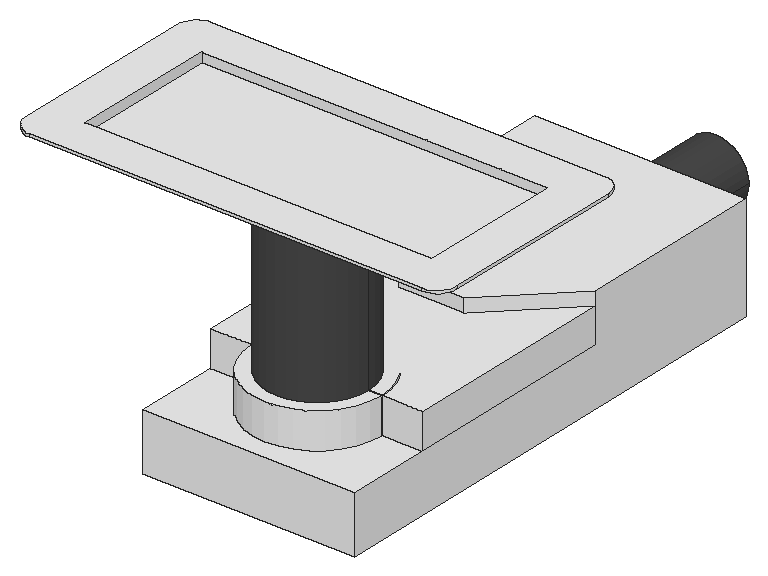
Revit family "CleanLine serisi duş kanalları için Geberit montaj seti, girişte 65–90 mm şap yüksekliği için_PRO_170944", category Plumbing Fixtures, Revit 2018
Family settings
  Round Connector Dimension = Use Diameter
  Part Type = Normal
  OmniClass Number = 23.70.50.21.24
  OmniClass Title = Waste Water Drains
  Work Plane-Based = No
  Always vertical = Yes
  Cut with Voids When Loaded = No
  Shared = No
  Room Calculation Point = Yes
Parameters (values of type "154.152.00.1 CleanLine serisi duş kanalları için Geberit montaj seti, girişte 65–90 mm şap yüksekliği için")
  Type = "d40"  # constant formula
  Product brand = ""
  Name = "CleanLine serisi duş kanalları için Geberit montaj seti, girişte 65–90 mm şap yüksekliği için"
  l1 [instance] = L1 - L  # 58 mm
  l [instance] = L - 52 mm  # 248 mm
  Main material 01 = Geberit_PE-HD, Black.
  Main material = Geberit_Plastic, White
  drain_pipe_angle [instance] = 90.00°
  height [instance] = 175 mm
  height1 [instance] = if(height = 16 mm, 16 mm, if(height < 16 mm, 16 mm, if(height = 63 mm, 63 mm, if(height > 63 mm, 63 mm, height))))  # 63 mm
  Angle [instance] = if(drain_pipe_angle < 45.00°, 45.00°, if(drain_pipe_angle > 90.00°, 90.00°, drain_pipe_angle))  # 90.00°
  GEB_translations = "{\"ATT_10673\":\"EAN code basic data\",\"applicationPurposes\":\"Application purposes\",\"application_range\":\"Application range\",\"brandName\":\"Brand\",\"characteristics\":\"Characteristics\",\"content_creator\":\"BIM Content creator\",\"content_date_changed\":\"BIM Content revision date\",\"content_version\":\"BIM Content Version\",\"key 1000\":\"Article number key\",\"name\":\"Name\",\"productBrand\":\"Product brand\",\"type\":\"Type\",\"GEB_connection_diameter1\":\"Connection diameter 1\",\"angle\":\"Angle\",\"ATT_10753\":\"Drenaj kapasitesi\",\"fixed_material\":\"Main material\",\"fixed_material_01\":\"Main material 01\",\"ATT_10931\":\"B\",\"ATT_10935\":\"d, ø\",\"ATT_10951\":\"H\",\"ATT_10952\":\"h\",\"ATT_10966\":\"L\",\"ATT_10969\":\"L1\",\"GEB_accessories\":\"Accessories\"}"
  GEB_size_min = 65 mm
  GEB_size_max = 175 mm
  GEB_pimversion = "22.02.12"
  GEB_flow_outlet [instance] = Drenaj kapasitesi  # 0.4 L/s
  GEB_culture = "tr-TR"
  Connection diameter 1 = if(GEB_imperial_engineering, size_lookup("waste_DNimperial_sizes", "cd", 25.4 mm, [d, ø]), [d, ø])  # 40 mm
  GEB_Article_Number [instance] = if(LOD300, "n/a", Article number key)  # "154.152.00.1"
  L1 = 358 mm
  L = 300 mm
  calc_height [instance] = if(height < GEB_size_min, GEB_size_min, if(height > GEB_size_max, GEB_size_max, height))  # 175 mm
  h = 32 mm
  H = 65 mm
  d, ø = 40 mm
  Article number key = "154.152.00.1"
  BIM Content Version = "GEB MG 1.2"  # constant formula
  BIM Content revision date = "2020.04.30"  # constant formula
  BIM Content creator = "Geberit"  # constant formula
  Characteristics = "EN 1253'ün gerekliliklerinden farklı olarak, sifon yüksekliği sadece 30 mm'dir.\nÖnceden monte edilmiş izolasyon bezi\nSızdırmazlık sistemleri bağlantısı için 10 cm çevreleyen izolasyon bezi\nAkustik izolasyon ve sifon bağlantısı için EPS ana ünite"
  Brand = "Geberit"
  Application range = "Floor drainage system"  # constant formula
  Application purposes = "CleanLine serisi Geberit duş kanallarında drenaj için\nKompozit contalar için\nGirişte ≥ 65 mm şap yükseklikleri için"
  Waste Connection = 1 = 1  # yes
  WFU = 0
  Vent Connection = 1 = 0  # no
  Model = if(LOD300, GEB_generic_model, Type)  # "d40"
  Manufacturer = if(LOD300, GEB_generic_manufacturer, Brand)  # "Geberit"
  LOD400 = not(LOD300)  # yes
  LOD300 = no
  IfcExportType = "USERDEFINED"  # constant formula
  IfcExportAs = "IfcSanitaryTerminal"  # constant formula
  IfcDescription = Description  # "CleanLine serisi duş kanalları için Geberit montaj seti, girişte 65–90 mm şap yüksekliği için"
  HW Connection = 1 = 0  # no
  GEB_use_DN = yes
  GEB_reference = "PRO_170944"  # constant formula
  GEB_processing_type = "T"  # constant formula
  GEB_metric_engineering = yes
  GEB_key_rules = "1000 [Articles.ArticlesList.Key]\r\n2000 [Name], d[ATT_10935]\r\n3000 [ATT_10673]"
  GEB_imperial_engineering = not(GEB_metric_engineering)  # no
  GEB_generic_model = "horizontal outlet"
  GEB_generic_manufacturer = "generic"
  GEB_generic_description = "installation set for shower channels"
  Accessories = ""
  ETIM_class = ""  # constant formula
  ETIM_MC = ""  # constant formula
  Description = if(LOD300, GEB_generic_description, Name)  # "CleanLine serisi duş kanalları için Geberit montaj seti, girişte 65–90 mm şap yüksekliği için"
  CW Connection = 1 = 0  # no
  B = 130 mm
  Drenaj kapasitesi = 0.4 L/s
  EAN code basic data = "4025416364818"
Reference planes
  plane 1 "Center (Front/Back)": y = 0
  plane 2: z = 0
  plane 3 "Center (Left/Right)": x = 0
  plane 4: z = 28.5
  plane 5: x = -109
  plane 6: x = -106.5
  plane 7: x = 106.5
  plane 8: x = 109
  plane 9: y = 47.2
  plane 10: y = -47.2
  plane 11: y = 70
  plane 12: y = -70
  plane 13: x = -132.5
  plane 14: x = 156.02
  plane 15: x = 132.5
  plane 16: z = -1.5
  plane 17: z = -8
  plane 18: z = -175
  plane 19: z = -110
  plane 20: x = -40
  plane 21: z = -140
  plane 22: y = 182.14
  plane 23: y = -52.2
  plane 24: y = 88
  plane 25: x = -20
  plane 26: x = 20
  plane 27: z = -118
  plane 28: z = -143
Forms (mm)
  Extrusion 1, solid, material "Geberit_Plastic, White" <- "Main material", detail levels medium+fine
    sketch origin (0, 0, 0) x (1, 0, 0) y (0, 1, 0)
      loop
        arc (-120.5, 70) -> (-128.985, 66.485) -> (-132.5, 58) r 12
        line (-132.5, 58) -> (-132.5, -58)
        arc (-132.5, -58) -> (-128.985, -66.485) -> (-120.5, -70) r 12
        line (-120.5, -70) -> (120.5, -70)
        arc (120.5, -70) -> (128.985, -66.485) -> (132.5, -58) r 12
        line (132.5, -58) -> (132.5, 58)
        arc (132.5, 58) -> (128.985, 66.485) -> (120.5, 70) r 12
        line (120.5, 70) -> (-120.5, 70)
    from 0 to -1.5
  Extrusion 2, solid, material "Geberit_Plastic, White" <- "Main material", detail levels medium+fine
    sketch origin (0, 0, 8) x (1, 0, 0) y (0, 0, 1)
      loop
        line (-109, -16) -> (109, -16) -> (109, -8) -> (-109, -8) -> (-109, -16)
    from -47.2 to 47.2
  Revolve 3, solid, material "Geberit_PE-HD, Black." <- "Main material 01", detail levels medium+fine
    sketch origin (0, 0, 0) x (1, 0, 0) y (0, 0, 1)
      loop
        line (-31.5, -8) -> (-31.5, -130.632) -> (0, -130.632) -> (0, -8) -> (-31.5, -8)
      axis (0, -8) -> (0, -130.632)
    angle from 0 to 360
  Extrusion 4, solid, material "Geberit_Plastic, White" <- "Main material", detail levels medium+fine
    sketch origin (0, 0, -143) x (0, 1, 0) y (0, 0, 1)
      loop
        line (-52.2, 3) -> (-52.2, -32) -> (248, -32) -> (248, 3) -> (-52.2, 3)
    from -65 to 65
  Extrusion 5, solid, material "Geberit_Plastic, White" <- "Main material", detail levels medium+fine
    sketch origin (0, 0, -143) x (0, 1, 0) y (-1, 0, 0)
      loop
        line (248, 65) -> (133, 65) -> (88, 20) -> (88, -20) -> (133, -65) -> (248, -65) -> (248, 65)
    from 3 to 33
  Extrusion 6, solid, material "Geberit_Plastic, White" <- "Main material", detail levels medium+fine
    sketch origin (0, 0, 0) x (1, 0, 0) y (0, 1, 0)
      loop
        circle (0, 0) r 31.5
      loop
        circle (0, 0) r 40
    from -118 to -140
  Extrusion 7, solid, material "Geberit_Plastic, White" <- "Main material", detail levels medium+fine
    sketch origin (0, 0, -143) x (0, 1, 0) y (-1, 0, 0)
      loop
        arc (0, 31.5) -> (31.5, 0) -> (0, -31.5) r 31.5
        line (0, -31.5) -> (0, -65) -> (132.8, -65) -> (87.8, -20) -> (87.8, 20) -> (132.8, 65) -> (0, 65) -> (0, 31.5)
    from 3 to 25
  Revolve 8, solid, material "Geberit_PE-HD, Black." <- "Main material 01", detail levels medium+fine
    sketch origin (0, 0, -143) x (0, 1, 0) y (-1, 0, 0)
      loop
        line (306, 0) -> (306, 20) -> (248, 20) -> (248, 0) -> (306, 0)
      axis (248, 0) -> (306, 0)
    angle from 0 to 360
  Extrusion 9, void
    sketch origin (0, 0, 0) x (1, 0, 0) y (0, 1, 0)
      loop
        line (-106.5, 45) -> (-106.5, -45) -> (106.5, -45) -> (106.5, 45) -> (-106.5, 45)
    from 0 to -6
Cuts and joins
  joined: Extrusion 4, Extrusion 5
  Extrusion 9 cuts Extrusion 1
  Extrusion 9 cuts Extrusion 2
  joined: Extrusion 1, Extrusion 2
Lines and regions (mm)
  reference lines
    curve 1: line (0, 0, -143) -> (0, 248, -143)
    curve 2: line (0, 0, -143) -> (0, 306, -143)
  symbolic lines, detail levels coarse+medium
    curve 3: line (-65, 248, -143) -> (65, 248, -143)
    curve 4: line (-65, -52.2, -143) -> (-65, 248, -143)
    curve 5: line (65, -52.2, -143) -> (-65, -52.2, -143)
    curve 6: line (65, 248, -143) -> (65, -52.2, -143)
    curve 7: line (0, 248, -143) -> (0, 306, -143)
Dimensions and locks
  plane 1 "Center (Front/Back)" to plane 9 = 47.2 mm
  "H": plane 19 to plane 18
  "calc_height": plane 2 to plane 18
  plane 27 to plane 21 = 22 mm
  Extrusion 4 to curve 1 = 52.2 mm
  "l": curve 1 to curve 1
  "B": Extrusion 5 sketch curve to Extrusion 5 sketch curve
  "B": Extrusion 7 sketch curve to Extrusion 7 sketch curve
  equal spacing: Extrusion 4, curve 1, Extrusion 4
  "B": Extrusion 4 to Extrusion 4
  equal spacing: Extrusion 7 sketch curve, curve 1, Extrusion 7 sketch curve
  equal spacing: Extrusion 5 sketch curve, curve 1, Extrusion 5 sketch curve
  Revolve 8 sketch curve to curve 1 = 20 mm
  "l1": Revolve 8 sketch curve to curve 1
  "h": plane 28 to plane 18
  "l1": curve 1 to curve 2
  locked: plane 21 to plane 18 at 35
  Extrusion 6 to plane 21 = 22 mm
  Extrusion 9 sketch curve to plane 1 "Center (Front/Back)" = 45 mm
  plane 1 "Center (Front/Back)" to Extrusion 9 sketch curve = 45 mm
  Extrusion 9 sketch curve to plane 8 = 2.5 mm
  plane 5 to Extrusion 9 sketch curve = 2.5 mm
  "Angle": angle plane 1 "Center (Front/Back)" to curve 1
  angle Extrusion 7 sketch curve to Extrusion 5 = 45.00°
  angle Extrusion 7 sketch curve to Extrusion 5 = 135.00°
  "Angle": angle plane 1 "Center (Front/Back)" to curve 2
  aligned and locked: level to plane 2
  aligned and locked: Extrusion 1 sketch curve to plane 12
  aligned and locked: plane 15 to Extrusion 1 sketch curve
  aligned and locked: Extrusion 1 sketch curve to plane 11
  aligned and locked: Extrusion 1 to plane 16
  aligned and locked: Revolve 3 sketch curve to plane 3 "Center (Left/Right)"
  aligned and locked: Extrusion 4 sketch curve to plane 21
  aligned and locked: Extrusion 4 sketch curve to plane 18
  aligned and locked: Extrusion 5 to plane 21
  aligned and locked: plane 19 to Extrusion 5
  aligned and locked: plane 27 to Extrusion 7
  aligned and locked: plane 1 "Center (Front/Back)" to curve 1
  aligned and locked: plane 3 "Center (Left/Right)" to curve 1
  aligned and locked: Extrusion 5 to curve 1  (x4)
  aligned and locked: curve 1 to Revolve 8 sketch curve
  aligned and locked: Revolve 8 sketch curve to curve 1
  aligned and locked: Extrusion 7 to plane 21
  aligned and locked: plane 1 "Center (Front/Back)" to curve 2
  aligned and locked: plane 3 "Center (Left/Right)" to curve 2
  aligned and locked: Extrusion 4 to Extrusion 5
  aligned and locked: Extrusion 6 to plane 21
  aligned and locked: plane 21 to Extrusion 7
  aligned and locked: cut or joined group of Extrusion 4, Extrusion 5 to plane 18
  aligned and locked: Extrusion 6 to Extrusion 7
  aligned and locked: curve 4 to cut or joined group of Extrusion 4, Extrusion 5
  aligned and locked: curve 6 to cut or joined group of Extrusion 4, Extrusion 5
  aligned and locked: curve 3 to cut or joined group of Extrusion 4, Extrusion 5
  aligned and locked: Extrusion 2 sketch curve to plane 5
  aligned and locked: plane 8 to Extrusion 2 sketch curve
  aligned and locked: Extrusion 2 to Revolve 3 sketch curve
Automatic sketch dimensions
  Extrusion 1 sketch curve to plane 13 = 0 mm
  Extrusion 1 sketch curve to plane 5 = 11.5 mm
  plane 9 to Extrusion 1 sketch curve = 10.8 mm
  Extrusion 1 sketch curve to plane 8 = 11.5 mm  (x2)
  Extrusion 6 sketch curve to Extrusion 6 sketch curve = 0 mm  (x2)
  plane 1 "Center (Front/Back)" to Extrusion 6 sketch curve = 0 mm
  Extrusion 6 sketch curve to plane 3 "Center (Left/Right)" = 0 mm
  Extrusion 4 sketch curve to curve 1 = 52.2 mm
  curve 1 to Extrusion 4 sketch curve = 0 mm
  curve 1 to curve 7 = 0 mm
  curve 1 to curve 7 = 58 mm
  curve 5 to curve 1 = 52.2 mm
  Extrusion 2 sketch curve to plane 17 = 0 mm
  Extrusion 2 sketch curve to level = 0 mm
  Revolve 3 sketch curve to plane 3 "Center (Left/Right)" = 0 mm
  plane 20 to Revolve 3 sketch curve = 8.5 mm
  plane 21 to Revolve 3 sketch curve = 9.368 mm
  Revolve 3 sketch curve to plane 18 = 191.045 mm
  plane 4 to Revolve 3 sketch curve = 2185.815 mm
  Extrusion 9 sketch curve to plane 10 = 2.2 mm
  curve 1 to Extrusion 5 sketch curve = 0 mm
  Extrusion 5 sketch curve to Extrusion 5 sketch curve = 115 mm  (x2)
  Extrusion 5 sketch curve to curve 1 = 20 mm
  Extrusion 5 sketch curve to Extrusion 5 sketch curve = 45 mm
  curve 1 to Extrusion 5 sketch curve = 20 mm
  Extrusion 7 sketch curve to curve 1 = 0 mm  (x2)
  Extrusion 7 sketch curve to curve 1 = 31.5 mm
  curve 1 to Extrusion 7 sketch curve = 20 mm
  curve 1 to Extrusion 7 sketch curve = 87.8 mm
  Extrusion 7 sketch curve to Extrusion 7 sketch curve = 45 mm  (x2)
  Extrusion 7 sketch curve to curve 1 = 20 mm
  Revolve 8 sketch curve to curve 1 = 0 mm  (x3)
  radius of Extrusion 6 sketch curve = 31.5 mm
  radius of Extrusion 6 sketch curve = 40 mm
Nested families
  nested 1: "exclamation mark" at (0, -262.5, 0), type "!", not visible
    with textsize 120 mm, text "!", offset 100 mm, diameter 200 mm, WARNING no
Connectors
  piping at (0, 306, -143), diameter 40, driven by "Connection diameter 1", driven by "GEB_flow_outlet"
    settings: on curve 2, index 1, connector inside diameter 609.6 mm, connector length 0 mm, flow factor 0, pipe flow 0.4 L/s, pressure drop 0.0 Pa, fitting loss kfactor 0, connector angle 0.00°, fixture units 0, engagement length 0 mm, angle of deflection 0.00°, flow configuration 1, flow direction 2, fitting loss method 0, system type 16, joint type 0, gender type 0, connector reference index -1, connector utility 0, adjustable connector yes, is connector primary yes, connector description "Outlet d40"
Definition of nested family "exclamation mark"
  Parameters (values of type "!")
    textsize [instance] = 80 mm
    text [instance] = "!"
    materiaal = none
    offset [instance] = diameter / 2  # 100 mm
    diameter [instance] = 200 mm
    WARNING [instance] = yes
    Type Comments = ""
    Model = ""  # constant formula
  Reference planes
    plane 1 "Center (Front/Back)": y = 0
    plane 2: z = 0
    plane 3 "Center (Left/Right)": x = 0
    plane 4: z = -100
  Text (mm)
    text "®  Itannex" at (-0.074, 40.744, 0), in view "Ref. Level"
  Dimensions and locks
    "offset": plane 2 to plane 4
    aligned and locked: level to plane 2
